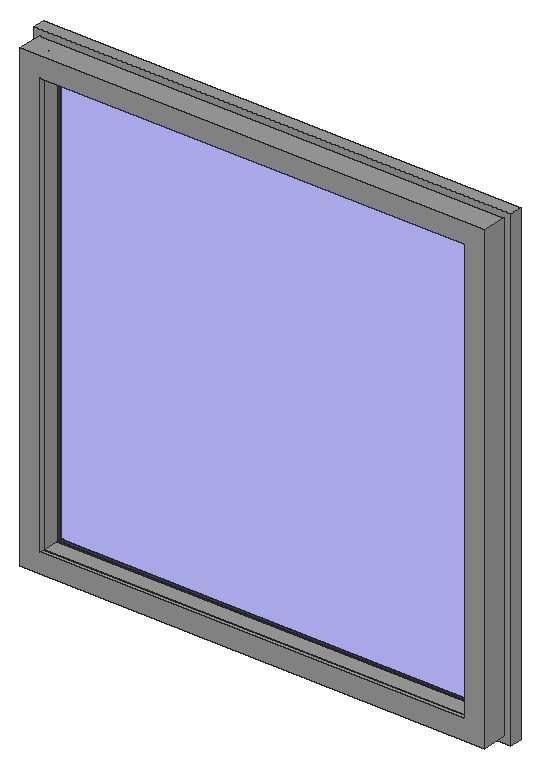
Revit family "ZS-2750 OPCW", category Windows, host Wall, Revit 2015
Parameters
  Wall Thickness [instance] = 0' - 6"
  URL = "obe.com"
  Rough Width = Width + 0' 0 1/4"  # 3' - 0 1/4"
  Rough Height = Height + 0' 0 1/4"  # 3' - 0 1/4"
  Offset Limitation [instance] = if((Offset + 0' 3 1/64") > Wall Thickness, (Wall Thickness - 0' 3 1/64"), Offset)  # 0' - 0"
  Offset [instance] = 0' - 0"
  Model = "ZS-2750 OOCW"
  Manufacturer = "Oldcastle BuildingEnvelope®"
  Keynote = "08 51 00"
  Height = 3' - 0"
  Glass Material = Glass
  Gasket Material = Gasket
  Frame Material = Aluminum
  Description = "ZERO SIGHTLINE 2750"
  Default Sill Height = 3' - 0"
  Wall Closure = By host
  Width = 3' - 0"
  Construction Type = ""
  Assembly Code = "B2020"
Reference planes (in)
  plane 1 "Center (Front/Back)": y = 0
  plane 2: z = 0
  plane 3 "Center (Left/Right)": x = 0
  plane 4 "Left": x = -18.125
  plane 5 "Right": x = 18.125
  plane 6 "Sill": z = 36
  plane 7 "Top": z = 72.25
  plane 8: x = 18
  plane 9: x = -18
  plane 10: z = 72.125
  plane 11: z = 36.125
  plane 12 "Offset": y = 3
  plane 13: z = 36.656875
  plane 14: z = 71.593125
  plane 15: z = 54.125
Forms (in)
  Sweep 1, solid, material "Aluminum" <- "Frame Material"
    path origin (0, 3, 0) x (-1, 0, 0) y (0, 0, 1)
      loop
        line (18, 72.7495) -> (18, 35.5005)
    profile origin (-18, 3, 54.125) x (0, 1, 0) y (-1, 0, 0)
      loop
        line (-3.0158393, 0.125) -> (-3.0158393, -1.389875) -> (-2.6138393, -1.389875) -> (-2.6138393, -0.281) -> (-1.6408393, -0.281) -> (-0.9042011, 0.0625) -> (-0.1248393, 0.0625) -> (-0.1248393, 0.6245) -> (-1.0938393, 0.6245) -> (-1.0938393, 0.125) -> (-3.0158393, 0.125)
  Sweep 2, solid, material "Aluminum" <- "Frame Material"
    path origin (0, 3, 0) x (1, 0, 0) y (0, 0, 1)
      loop
        line (18, 72.7495) -> (18, 35.5005)
    profile origin (18, 3, 54.125) x (0, 1, 0) y (-1, 0, 0)
      loop
        line (-3.0158393, -0.125) -> (-1.0938393, -0.125) -> (-1.0938393, -0.6245) -> (-0.1248393, -0.6245) -> (-0.1248393, -0.0625) -> (-0.9042011, -0.0625) -> (-1.6408393, 0.281) -> (-2.6138393, 0.281) -> (-2.6138393, 1.389875) -> (-3.0158393, 1.389875) -> (-3.0158393, -0.125)
  Sweep 3, solid, material "Aluminum" <- "Frame Material"
    path origin (0, 3, 0) x (-1, 0, 0) y (0, 0, 1)
      loop
        line (-18.625, 72.125) -> (18.625, 72.125)
    profile origin (0, 3, 72.125) x (0, 0, 1) y (0, 1, 0)
      loop
        line (0.125, -3.0158393) -> (0.125, -1.0938393) -> (0.6245, -1.0938393) -> (0.6245, -0.1248393) -> (0.0625, -0.1248393) -> (0.0625, -0.9042011) -> (-0.2813401, -1.6415686) -> (-0.2813401, -2.6138393) -> (-1.389875, -2.6138393) -> (-1.389875, -3.0158393) -> (0.125, -3.0158393)
  Sweep 4, solid, material "Aluminum" <- "Frame Material"
    path origin (0, 3, 127.7706855) x (-1, 0, 0) y (0, 0, -1)
      loop
        line (-18.625, 91.6456855) -> (18.625, 91.6456855)
    profile origin (0, 3, 36.125) x (0, 0, 1) y (0, 1, 0)
      loop
        line (-0.125, -3.0158393) -> (1.389875, -3.0158393) -> (1.389875, -2.6138393) -> (0.281, -2.6138393) -> (0.281, -1.6408393) -> (-0.0625, -0.9042011) -> (-0.0625, -0.1248393) -> (-0.6245, -0.1248393) -> (-0.6245, -1.0938393) -> (-0.125, -1.0938393) -> (-0.125, -3.0158393)
  Extrusion 5, solid, material "Glass" <- "Glass Material", detail levels coarse
    sketch origin (0, 0, 36) x (0, -1, 0) y (1, 0, 0)
      loop
        line (-2, 17.468125) -> (-3, 17.468125) -> (-3, -17.468125) -> (-2, -17.468125) -> (-2, 17.468125)
    from 0.656875 to 35.593125
  Sweep 6, solid, material "Gasket" <- "Gasket Material", detail levels fine
    path origin (0, 3, 0) x (-1, 0, 0) y (0, 0, 1)
      loop
        line (-16.610125, 70.735125) -> (-16.610125, 37.514875) -> (16.610125, 37.514875) -> (16.610125, 70.735125) -> (-16.610125, 70.735125)
    profile origin (0, 3, 70.735125) x (0, 0, 1) y (0, 1, 0)
      loop
        line (-0.0099489, -1.25) -> (0.2780511, -1.25) -> (0.1436625, -1.0155)
        arc (0.1436625, -1.0155) -> (0.1323157, -1.0041532) -> (0.1168157, -1) r 0.031
        line (0.1168157, -1) -> (-0.0319113, -1)
        arc (-0.0319113, -1) -> (-0.0556117, -1.0110177) -> (-0.0624653, -1.0362393) r 0.031
        line (-0.0624653, -1.0362393) -> (-0.0498891, -1.2903615)
        arc (-0.0498891, -1.2903615) -> (-0.0357439, -1.312194) -> (-0.0099489, -1.3155644) r 0.031
        line (-0.0099489, -1.3155644) -> (-0.0099489, -1.25)
  Sweep 7, solid, material "Aluminum" <- "Frame Material"
    path origin (0, 3, 0) x (-1, 0, 0) y (0, 0, 1)
      loop
        line (-18.0625, 72.25) -> (18.0625, 72.25)
    profile origin (0, 3, 72.25) x (0, 0, 1) y (0, 1, 0)
      loop
        line (-0.281875, 0) -> (-0.656875, 0) -> (-0.656875, -1.25493) -> (-1.514875, -1.25493) -> (-1.514875, -2.6138393) -> (-0.4063401, -2.6138393) -> (-0.4063401, -1.6415686) -> (-0.0625, -0.9042011) -> (-0.0625, -0.1248393) -> (-0.281875, -0.1248393) -> (-0.281875, 0)
  Sweep 8, solid, material "Aluminum" <- "Frame Material"
    path origin (0, 3, 0) x (-1, 0, 0) y (0, 0, 1)
      loop
        line (-18.0625, 36) -> (18.0625, 36)
    profile origin (0, 3, 36) x (0, 0, 1) y (0, 1, 0)
      loop
        line (0.281875, 0) -> (0.281875, -0.1248393) -> (0.0625, -0.1248393) -> (0.0625, -0.9042011) -> (0.406, -1.6408393) -> (0.406, -2.6138393) -> (1.514875, -2.6138393) -> (1.514875, -1.25493) -> (0.656875, -1.25493) -> (0.656875, 0) -> (0.281875, 0)
  Sweep 9, solid, material "Aluminum" <- "Frame Material"
    path origin (0, 3, 0) x (-1, 0, 0) y (0, 0, 1)
      loop
        line (18.125, 72.1875) -> (18.125, 36.0625)
    profile origin (-18.125, 3, 54.125) x (0, 1, 0) y (-1, 0, 0)
      loop
        line (0, -0.656875) -> (0, -0.281875) -> (-0.1248393, -0.281875) -> (-0.1248393, -0.0625) -> (-0.9042011, -0.0625) -> (-1.6408393, -0.406) -> (-2.6138393, -0.406) -> (-2.6138393, -1.514875) -> (-1.25493, -1.514875) -> (-1.25493, -0.656875) -> (0, -0.656875)
  Sweep 10, solid, material "Aluminum" <- "Frame Material"
    path origin (0, 3, 0) x (-1, 0, 0) y (0, 0, 1)
      loop
        line (-18.125, 36.0625) -> (-18.125, 72.1875)
    profile origin (18.125, 3, 54.125) x (1, 0, 0) y (0, 1, 0)
      loop
        line (-1.514875, -1.25493) -> (-1.514875, -2.6138393) -> (-0.406, -2.6138393) -> (-0.406, -1.6408393) -> (-0.0625, -0.9042011) -> (-0.0625, -0.1248393) -> (-0.281875, -0.1248393) -> (-0.281875, 0) -> (-0.656875, 0) -> (-0.656875, -1.25493) -> (-1.514875, -1.25493)
  Extrusion 11, solid, material "Glass" <- "Glass Material", detail levels medium+fine
    sketch origin (0, 0, 36) x (0, -1, 0) y (1, 0, 0)
      loop
        line (-3, -17.468125) -> (-2.75, -17.468125) -> (-2.75, 17.468125) -> (-3, 17.468125) -> (-3, -17.468125)
      loop
        line (-2.2373, -17.468125) -> (-2, -17.468125) -> (-2, 17.468125) -> (-2.2373, 17.468125) -> (-2.2373, -17.468125)
    from 0.656875 to 35.593125
  Sweep 12, void
    path origin (0, 3, 0) x (-1, 0, 0) y (0, 0, 1)
      loop
        line (18.125, 72.25) -> (-18.125, 72.25) -> (-18.125, 36) -> (18.125, 36) -> (18.125, 72.25)
    profile origin (0, 3, 72.25) x (0, 0, -1) y (0, 1, 0)
      loop
        line (0, -1.0938393) -> (-0.4995, -1.0938393) -> (-0.4995, -3.0158393) -> (0, -3.0158393) -> (0, -1.0938393)
  Sweep 13, void
    path origin (0, 3, 0) x (-1, 0, 0) y (0, 0, 1)
      loop
        line (18.125, 72.25) -> (-18.125, 72.25) -> (-18.125, 36) -> (18.125, 36) -> (18.125, 72.25)
    profile origin (0, 3, 72.25) x (0, 0, -1) y (0, 1, 0)
      loop
        line (0.281875, -0.1248393) -> (0.281875, 0) -> (0.0625, 0) -> (0.0625, -0.1248393) -> (0.281875, -0.1248393)
Cuts and joins
  Sweep 12 cuts Sweep 1
  Sweep 12 cuts Sweep 2
  Sweep 12 cuts Sweep 3
  Sweep 12 cuts Sweep 4
  joined: Sweep 1, Sweep 2, Sweep 3, Sweep 4
  Sweep 13 cuts Sweep 7
  Sweep 13 cuts Sweep 8
  Sweep 13 cuts Sweep 9
  Sweep 13 cuts Sweep 10
  joined: Sweep 7, Sweep 8, Sweep 9, Sweep 10
Lines and regions (in)
  Opening 1
    outline origin (-60, -3, 0) x (1, 0, 0) y (0, 0, 1)
      loop
        line (41.875, 72.25) -> (41.875, 36) -> (78.125, 36) -> (78.125, 72.25) -> (41.875, 72.25)
  model lines, style "Opening Direction"
    curve 1: line (16.5476597, 3, 37.5773403) -> (0, 3, 70.6726597)
    curve 2: line (0, 3, 70.6726597) -> (-16.5470135, 3, 37.5779863)
Text (in)
  text "EXTERIOR" at (-58.6887958, 50.9069435, 0), in view "Ref. Level"
  text "INTERIOR" at (-58.6887958, -52.7663834, 0), in view "Ref. Level"
  text "Exterior" at (0, 43.6563107, 123.1960383), in view "Left"
  text "Exterior" at (0, 18.2938457, 125.0474676), in view "Right"
Dimensions and locks (in)
  equal spacing: plane 4 "Left", plane 3 "Center (Left/Right)", plane 5 "Right"
  "Rough Width": plane 4 "Left" to plane 5 "Right"
  "Rough Height": plane 6 "Sill" to plane 7 "Top"
  "Default Sill Height": plane 2 to plane 6 "Sill"
  locked: plane 6 "Sill" to plane 11 at 0.125
  locked: plane 8 to plane 5 "Right" at 0.125
  "Height": plane 11 to plane 10
  "Width": plane 9 to plane 8
  "Wall Thickness": host wall to host wall
  "Offset Limitation": host wall to plane 12 "Offset"
  locked: plane 14 to plane 10 at 0.531875
  locked: plane 11 to plane 13 at 0.531875
  plane 12 "Offset" to Extrusion 5 sketch curve to Extrusion 5 sketch curve = 0' - 0" locked, 0' - 1" locked
  locked: plane 7 "Top" to Sweep 1 sketch curve at 0.4995
  locked: Sweep 1 sketch curve to plane 6 "Sill" at 0.4995
  locked: Sweep 2 sketch curve to plane 6 "Sill" at 0.4995
  equal spacing: plane 6 "Sill", plane 15, plane 7 "Top"
  locked: plane 12 "Offset" to Extrusion 11 sketch curve at 0.25
  plane 12 "Offset" to Extrusion 11 sketch curve to Extrusion 11 sketch curve = 0' - 0.7627" locked, 0' - 0.2373" locked
  locked: plane 7 "Top" to Sweep 2 sketch curve at 0.4995
  locked: plane 5 "Right" to Sweep 3 sketch curve at 0.5
  locked: Sweep 3 sketch curve to plane 4 "Left" at 0.5
  locked: Sweep 4 sketch curve to plane 4 "Left" at 0.5
  locked: plane 5 "Right" to Sweep 4 sketch curve at 0.5
  locked: Sweep 7 sketch curve to plane 5 "Right" at 0.0625
  locked: plane 4 "Left" to Sweep 7 sketch curve at 0.0625
  locked: Sweep 8 sketch curve to plane 5 "Right" at 0.0625
  locked: plane 4 "Left" to Sweep 8 sketch curve at 0.0625
  locked: plane 6 "Sill" to Sweep 9 sketch curve at 0.0625
  locked: Sweep 9 sketch curve to plane 7 "Top" at 0.0625
  locked: plane 6 "Sill" to Sweep 10 sketch curve at 0.0625
  locked: Sweep 10 sketch curve to plane 7 "Top" at 0.0625
  aligned and locked: plane 7 "Top" to Opening 1 sketch curve
  aligned and locked: plane 6 "Sill" to Opening 1 sketch curve  (x2)
  aligned and locked: plane 5 "Right" to Opening 1 sketch curve
  aligned and locked: plane 4 "Left" to Opening 1 sketch curve
  aligned and locked: level to plane 2
  aligned and locked: nested 2 to plane 11
  aligned and locked: Sweep 1 sketch curve to plane 9
  aligned and locked: Sweep 2 sketch curve to plane 8
  aligned and locked: plane 10 to Sweep 3 sketch curve
  aligned and locked: plane 11 to Sweep 4 sketch curve
  aligned and locked: plane 14 to Extrusion 5
  aligned and locked: Extrusion 5 to plane 13
  aligned and locked: nested 2 to nested 1
  aligned and locked: nested 2 to plane 12 "Offset"
  aligned and locked: plane 3 "Center (Left/Right)" to nested 1
  aligned and locked: nested 1 to plane 12 "Offset"
  aligned and locked: plane 7 "Top" to Sweep 7 sketch curve
  aligned and locked: plane 6 "Sill" to Sweep 8 sketch curve
  aligned and locked: Sweep 9 sketch curve to plane 4 "Left"
  aligned and locked: plane 5 "Right" to Sweep 10 sketch curve
  aligned and locked: Extrusion 11 to plane 13
  aligned and locked: plane 14 to Extrusion 11
  aligned and locked: Sweep 12 sketch curve to plane 7 "Top"
  aligned and locked: Sweep 12 sketch curve to plane 4 "Left"
  aligned and locked: Sweep 12 sketch curve to plane 6 "Sill"
  aligned and locked: Sweep 12 sketch curve to plane 5 "Right"
  aligned and locked: Sweep 13 sketch curve to plane 7 "Top"
  aligned and locked: Sweep 13 sketch curve to plane 4 "Left"
  aligned and locked: Sweep 13 sketch curve to plane 6 "Sill"
  aligned and locked: Sweep 13 sketch curve to plane 5 "Right"
  aligned and locked: plane 3 "Center (Left/Right)" to curve 2
  aligned and locked: Sweep 6 to curve 1
  aligned and locked: curve 2 to Sweep 6
Automatic sketch dimensions
  Sweep 4 sketch curve to plane 12 "Offset" = 0' - 1.09384"
  plane 8 to Extrusion 5 sketch curve = 0' - 0.53188"
  Extrusion 5 sketch curve to plane 9 = 0' - 0.53187"
  profile plane to Sweep 6 sketch curve = 0' - 0.06247"
  profile plane to Sweep 6 sketch curve = 0' - 0.04989"
  profile plane to Sweep 6 sketch curve = 0' - 0.03191"
  profile plane to Sweep 6 sketch curve = 0' - 0.0192"
  profile plane to Sweep 6 sketch curve = 0' - 0.00995"
  Sweep 6 sketch curve to profile plane = 0' - 0.11682"
  Sweep 6 sketch curve to plane 12 "Offset" = 0' - 1.31556"
  Sweep 6 sketch curve to Sweep 6 sketch curve = 0' - 0.0252"
  Sweep 6 sketch curve to Sweep 6 sketch curve = 0' - 0.03598"
  Sweep 6 sketch curve to Sweep 6 sketch curve = 0' - 0.21376"
  Sweep 6 sketch curve to Sweep 6 sketch curve = 0' - 0.00524"
  Sweep 6 sketch curve to Sweep 6 sketch curve = 0' - 0.031"
  Sweep 6 sketch curve to Sweep 6 sketch curve = 0' - 0.02685"
  Sweep 6 sketch curve to profile plane = 0' - 0.27805"
  Sweep 2 sketch curve to plane 12 "Offset" = 0' - 1.09384"
  Sweep 2 sketch curve to Sweep 2 sketch curve = 0' - 0.402"
  Sweep 2 sketch curve to Sweep 2 sketch curve = 0' - 1.10887"
  Sweep 1 sketch curve to plane 12 "Offset" = 0' - 2.61384"
  Sweep 1 sketch curve to Sweep 1 sketch curve = 0' - 0.402"
  Sweep 1 sketch curve to Sweep 1 sketch curve = 0' - 1.10887"
  Sweep 1 sketch curve to Sweep 1 sketch curve = 0' - 0.973"
  Sweep 4 sketch curve to Sweep 4 sketch curve = 0' - 0.402"
  Sweep 4 sketch curve to Sweep 4 sketch curve = 0' - 1.10887"
  Sweep 8 sketch curve to plane 12 "Offset" = 0' - 0"
  Sweep 8 sketch curve to plane 12 "Offset" = 0' - 1.25493"
  Sweep 7 sketch curve to plane 12 "Offset" = 0' - 0"
  profile plane to Sweep 7 sketch curve = 0' - 1.51488"
  Sweep 7 sketch curve to plane 12 "Offset" = 0' - 1.25493"
  Sweep 10 sketch curve to plane 12 "Offset" = 0' - 0"
  Sweep 10 sketch curve to Sweep 10 sketch curve = 0' - 1.10887"
  profile plane to Sweep 10 sketch curve = 0' - 0.28187"
  profile plane to Sweep 7 sketch curve = 0' - 0.28188"
  plane 8 to Sweep 6 sketch curve = 0' - 1.38987"
  Sweep 6 sketch curve to plane 9 = 0' - 1.38987"
  plane 13 to Sweep 6 sketch curve = 0' - 0.858"
  Sweep 6 sketch curve to plane 14 = 0' - 0.858"
  Sweep 4 sketch curve to profile plane = 0' - 0.281"
  Sweep 4 sketch curve to Sweep 4 sketch curve = 0' - 1.52"
  Sweep 4 sketch curve to Sweep 4 sketch curve = 0' - 0.547"
  profile plane to Sweep 4 sketch curve = 0' - 0.6245"
  profile plane to Sweep 4 sketch curve = 0' - 0 1/8"
  Sweep 4 sketch curve to plane 12 "Offset" = 0' - 0.12484"
  profile plane to Sweep 4 sketch curve = 0' - 0 1/16"
  Sweep 4 sketch curve to Sweep 4 sketch curve = 0' - 0.18964"
  Sweep 1 sketch curve to Sweep 1 sketch curve = 0' - 0.547"
  Sweep 1 sketch curve to profile plane = 0' - 0.6245"
  Sweep 1 sketch curve to plane 12 "Offset" = 0' - 0.12484"
  Sweep 1 sketch curve to profile plane = 0' - 0 1/8"
  Sweep 1 sketch curve to profile plane = 0' - 0 1/16"
  Sweep 1 sketch curve to Sweep 1 sketch curve = 0' - 0.18964"
  profile plane to Sweep 1 sketch curve = 0' - 0.281"
  Sweep 2 sketch curve to Sweep 2 sketch curve = 0' - 1.52"
  Sweep 2 sketch curve to Sweep 2 sketch curve = 0' - 0.547"
  Sweep 2 sketch curve to Sweep 2 sketch curve = 0' - 0.18964"
  Sweep 2 sketch curve to profile plane = 0' - 0.281"
  Sweep 2 sketch curve to plane 12 "Offset" = 0' - 0.12484"
  Sweep 2 sketch curve to Sweep 2 sketch curve = 0' - 0.562"
  profile plane to Sweep 2 sketch curve = 0' - 0 1/16"
  profile plane to Sweep 2 sketch curve = 0' - 0 1/8"
  Extrusion 11 sketch curve to plane 12 "Offset" = 0' - 0"
  Extrusion 11 sketch curve to plane 9 = 0' - 0.53187"  (x2)
  plane 8 to Extrusion 11 sketch curve = 0' - 0.53188"  (x2)
  Sweep 7 sketch curve to plane 12 "Offset" = 0' - 0.12484"
  profile plane to Sweep 7 sketch curve = 0' - 0 1/16"
  Sweep 7 sketch curve to Sweep 7 sketch curve = 0' - 0.77936"
  profile plane to Sweep 7 sketch curve = 0' - 0.40634"
  Sweep 7 sketch curve to Sweep 7 sketch curve = 0' - 0 3/8"
  Sweep 7 sketch curve to Sweep 7 sketch curve = 0' - 0.38664"
  Sweep 7 sketch curve to Sweep 7 sketch curve = 0' - 0.97227"
  profile plane to Sweep 3 sketch curve = 0' - 1.38988"
  profile plane to Sweep 3 sketch curve = 0' - 0.28134"
  Sweep 3 sketch curve to profile plane = 0' - 0 1/16"
  Sweep 3 sketch curve to profile plane = 0' - 0 1/8"
  Sweep 3 sketch curve to plane 12 "Offset" = 0' - 0.12484"
  Sweep 3 sketch curve to Sweep 3 sketch curve = 0' - 0.562"
  Sweep 3 sketch curve to Sweep 3 sketch curve = 0' - 0.77936"
  Sweep 3 sketch curve to Sweep 3 sketch curve = 0' - 0.18964"
  Sweep 3 sketch curve to Sweep 3 sketch curve = 0' - 0.54773"
  Sweep 3 sketch curve to Sweep 3 sketch curve = 0' - 0.97227"
  Sweep 3 sketch curve to Sweep 3 sketch curve = 0' - 0.402"
  Sweep 8 sketch curve to profile plane = 0' - 0.406"
  Sweep 8 sketch curve to Sweep 8 sketch curve = 0' - 1.35891"
  Sweep 8 sketch curve to plane 12 "Offset" = 0' - 0.12484"
  Sweep 8 sketch curve to profile plane = 0' - 0 1/16"
  Sweep 8 sketch curve to Sweep 8 sketch curve = 0' - 0.77936"
  Sweep 8 sketch curve to Sweep 8 sketch curve = 0' - 0.21938"
  Sweep 8 sketch curve to Sweep 8 sketch curve = 0' - 0 3/8"
  Sweep 8 sketch curve to Sweep 8 sketch curve = 0' - 1.10888"
  Sweep 8 sketch curve to Sweep 8 sketch curve = 0' - 0.38591"
  Sweep 9 sketch curve to plane 12 "Offset" = 0' - 0"
  Sweep 9 sketch curve to plane 12 "Offset" = 0' - 0.12484"
  profile plane to Sweep 9 sketch curve = 0' - 0 1/16"
  Sweep 9 sketch curve to Sweep 9 sketch curve = 0' - 0.77936"
  Sweep 9 sketch curve to plane 12 "Offset" = 0' - 1.25493"
  Sweep 9 sketch curve to Sweep 9 sketch curve = 0' - 0.38591"
  Sweep 9 sketch curve to Sweep 9 sketch curve = 0' - 0.973"
  Sweep 9 sketch curve to Sweep 9 sketch curve = 0' - 0.21938"
  profile plane to Sweep 9 sketch curve = 0' - 0.406"
  Sweep 9 sketch curve to Sweep 9 sketch curve = 0' - 0 3/8"
  Sweep 9 sketch curve to Sweep 9 sketch curve = 0' - 1.10887"
  Sweep 10 sketch curve to Sweep 10 sketch curve = 0' - 0 3/8"
  Sweep 10 sketch curve to Sweep 10 sketch curve = 0' - 1.35891"
  Sweep 10 sketch curve to Sweep 10 sketch curve = 0' - 1.13009"
  Sweep 10 sketch curve to plane 12 "Offset" = 0' - 0.12484"
  profile plane to Sweep 10 sketch curve = 0' - 0 1/16"
  Sweep 10 sketch curve to Sweep 10 sketch curve = 0' - 0.77936"
  profile plane to Sweep 10 sketch curve = 0' - 0.406"
  Sweep 10 sketch curve to Sweep 10 sketch curve = 0' - 1.516"
  Sweep 12 sketch curve to plane 12 "Offset" = 0' - 1.09384"
  profile plane to Sweep 12 sketch curve = 0' - 0.4995"
  Sweep 12 sketch curve to Sweep 12 sketch curve = 0' - 1.922"
  Sweep 12 sketch curve to profile plane = 0' - 0"
  Sweep 13 sketch curve to plane 12 "Offset" = 0' - 0.12484"
  Sweep 13 sketch curve to profile plane = 0' - 0.28188"
  Sweep 13 sketch curve to profile plane = 0' - 0 1/16"
  Sweep 13 sketch curve to plane 12 "Offset" = 0' - 0"
  curve 2 to plane 14 = 0' - 0.92047"
  plane 13 to curve 2 = 0' - 0.92111"
  plane 13 to curve 1 = 0' - 0.92047"
Nested families (in)
  nested 1: "ZS-2750-Plan View" at (0, 3, 0), Default Sill Height <- "Default Sill Height", Height <- "Height", Width <- "Width", type "ZS-2750-Plan View"
    with Width 3' - 0", Height 3' - 0", Default Sill Height 3' - 0"
  nested 2: "ZS-2750-Section Operable" at (0, 3, 0.125), Default Sill Height <- "Default Sill Height", Height <- "Height", Width <- "Width", type "ZS-2750-Section Operable"
    with Width 3' - 0", Height 3' - 0", Default Sill Height 3' - 0"
Definition of nested family "ZS-2750-Plan View"
  Parameters (values of type "ZS-2750-Plan View")
    Width [instance] = 3' - 0"
    Height [instance] = 4' - 0"
    Default Sill Height [instance] = 3' - 0"
    Analytic Construction = "<None>"
  Reference planes (in)
    plane 1 "Center (Front/Back)": y = 0
    plane 2: z = 0
    plane 3 "Center (Left/Right)": x = 0
    plane 4: z = 36
  Lines and regions (in)
    model lines, not visible
      curve 1: line (0, 0, 84) -> (0, 0, 36)
  Dimensions and locks (in)
    "Default Sill Height": plane 4 to plane 2
    "Height": curve 1 to plane 4
    aligned and locked: plane 2 to level
    aligned and locked: plane 3 "Center (Left/Right)" to nested 1
    aligned and locked: plane 4 to curve 1
    aligned and locked: curve 1 to plane 1 "Center (Front/Back)"
    aligned and locked: plane 1 "Center (Front/Back)" to nested 1
  Nested families (in)
    nested 1: "ZS-2750-Plan View" at (-18, 0, 0), Width <- "Width", type "ZS-2750-Plan View"
      with Width 3' - 0"
  Definition of nested family "ZS-2750-Plan View"
    Parameters (values of type "ZS-2750-Plan View")
      Width [instance] = 3' - 0"
    Reference planes (in)
      plane 1 "Center (Front/Back)": y = 0
      plane 2: z = 0
      plane 3 "C": x = 0
      plane 4: x = 36
      plane 5: x = 0.531875
      plane 6: x = 35.468125
      plane 7 "Center (Left/Right)": x = 18
    Lines and regions (in)
      detail lines, in view "Ref. Level"
        curve 1: line (0.531875, 0, 0) -> (35.468125, 0, 0)
        curve 2: line (0.531875, -1, 0) -> (35.468125, -1, 0)
      detail lines, in view "Ref. Level", detail levels medium+fine
        curve 3: line (0.531875, -0.25, 0) -> (35.468125, -0.25, 0)
        curve 4: line (0.531875, -0.7627, 0) -> (35.468125, -0.7627, 0)
      detail lines, in view "Ref. Level", detail levels fine
        curve 5: line (0.531875, -0.06, 0) -> (35.468125, -0.06, 0)
        curve 6: line (0.531875, -0.12, 0) -> (35.468125, -0.12, 0)
        curve 7: line (0.531875, -0.18, 0) -> (35.468125, -0.18, 0)
        curve 8: line (0.531875, -0.8227, 0) -> (35.468125, -0.8227, 0)
        curve 9: line (0.531875, -0.8827, 0) -> (35.468125, -0.8827, 0)
        curve 10: line (0.531875, -0.9427, 0) -> (35.468125, -0.9427, 0)
    Dimensions and locks (in)
      locked: plane 6 to plane 4 at 0.531875
      locked: plane 3 "C" to plane 5 at 0.531875
      "Width": plane 3 "C" to plane 4
      equal spacing: plane 3 "C", plane 7 "Center (Left/Right)", plane 4
      aligned and locked: nested 1 to plane 4
      aligned and locked: nested 2 to plane 3 "C"
      aligned and locked: nested 2 to plane 1 "Center (Front/Back)"
      aligned and locked: nested 1 to plane 1 "Center (Front/Back)"
      aligned and locked: plane 5 to curve 1
      aligned and locked: plane 5 to curve 5
      aligned and locked: plane 5 to curve 6
      aligned and locked: plane 5 to curve 7
      aligned and locked: plane 5 to curve 3
      aligned and locked: plane 5 to curve 10
      aligned and locked: plane 5 to curve 2
      aligned and locked: plane 5 to curve 4
      aligned and locked: plane 5 to curve 8
      aligned and locked: plane 5 to curve 9
      aligned and locked: plane 6 to curve 1
      aligned and locked: plane 6 to curve 5
      aligned and locked: plane 6 to curve 6
      aligned and locked: plane 6 to curve 7
      aligned and locked: plane 6 to curve 3
      aligned and locked: plane 6 to curve 4
      aligned and locked: plane 6 to curve 8
      aligned and locked: plane 6 to curve 9
      aligned and locked: plane 6 to curve 10
    Automatic sketch dimensions
      curve 2 to plane 6 = 0' - 0"
      plane 1 "Center (Front/Back)" to curve 1 = 0' - 0"
      plane 1 "Center (Front/Back)" to curve 5 = 0' - 0.06"
      curve 6 to curve 5 = 0' - 0.06"
      curve 7 to curve 6 = 0' - 0.06"
      curve 3 to curve 7 = 0' - 0.07"
      curve 4 to curve 3 = 0' - 0.5127"
      curve 8 to curve 4 = 0' - 0.06"
      curve 9 to curve 8 = 0' - 0.06"
      curve 10 to curve 9 = 0' - 0.06"
      curve 2 to curve 10 = 0' - 0.0573"
    Nested families (in)
      nested 1: "ZS-2750-JAMB L" at (36, 0, 0) x (-1, 0, 0) z (0, 0, 1), type "ZS-2750-JAMB L", in view "Ref. Level"
      nested 2: "ZS-2750-JAMB R" at (0, 0, 0) x (-1, 0, 0) z (0, 0, 1), type "ZS-2750-JAMB R", in view "Ref. Level"
    Definition of nested family "ZS-2750-JAMB L"
      Reference planes (in)
        plane 1 "Center (Front/Back)": y = 0
        plane 2: z = 0
        plane 3 "Center (Left/Right)": x = 0
      Lines and regions (in)
        detail lines, in view "Ref. Level"
          curve 1: line (1.389875, 1, 0) -> (1.389875, 3.0158393, 0)
          curve 2: line (1.389875, 3.0158393, 0) -> (-0.125, 3.0158393, 0)
          curve 3: line (-0.125, 3.0158393, 0) -> (-0.125, 1.0938393, 0)
          curve 4: line (-0.125, 1.0938393, 0) -> (-0.6245, 1.0938393, 0)
          curve 5: line (-0.6245, 1.0938393, 0) -> (-0.6245, 0.1248393, 0)
          curve 6: line (-0.6245, 0.1248393, 0) -> (0.156875, 0.1248393, 0)
          curve 7: line (0.156875, 0.1248393, 0) -> (0.156875, 0, 0)
          curve 8: line (0.156875, 0, 0) -> (0.531875, 0, 0)
          curve 9: line (0.531875, 0, 0) -> (0.531875, 1, 0)
          curve 10: line (0.531875, 1, 0) -> (1.389875, 1, 0)
    Definition of nested family "ZS-2750-JAMB R"
      Reference planes (in)
        plane 1 "Center (Front/Back)": y = 0
        plane 2: z = 0
        plane 3 "Center (Left/Right)": x = 0
      Lines and regions (in)
        detail lines, in view "Ref. Level"
          curve 1: line (-1.389875, 1, 0) -> (-1.389875, 3.0158393, 0)
          curve 2: line (-1.389875, 3.0158393, 0) -> (0.125, 3.0158393, 0)
          curve 3: line (0.125, 3.0158393, 0) -> (0.125, 1.0938393, 0)
          curve 4: line (0.125, 1.0938393, 0) -> (0.6245, 1.0938393, 0)
          curve 5: line (0.6245, 1.0938393, 0) -> (0.6245, 0.1248393, 0)
          curve 6: line (0.6245, 0.1248393, 0) -> (-0.156875, 0.1248393, 0)
          curve 7: line (-0.156875, 0.1248393, 0) -> (-0.156875, 0, 0)
          curve 8: line (-0.156875, 0, 0) -> (-0.531875, 0, 0)
          curve 9: line (-0.531875, 0, 0) -> (-0.531875, 1, 0)
          curve 10: line (-0.531875, 1, 0) -> (-1.389875, 1, 0)
Definition of nested family "ZS-2750-Section Operable"
  Parameters (values of type "ZS-2750-Section Operable")
    Width [instance] = 3' - 0"
    Height [instance] = 4' - 0"
    Default Sill Height [instance] = 2' - 5.21443"
    Analytic Construction = "<None>"
  Reference planes (in)
    plane 1 "Center (Front/Back)": y = 0
    plane 2: z = 0
    plane 3 "Center (Left/Right)": x = 0
    plane 4: z = 29.2144347
  Lines and regions (in)
    model lines, not visible
      curve 1: line (-18, 0, 0) -> (18, 0, 0)
  Dimensions and locks (in)
    "Default Sill Height": plane 4 to plane 2
    equal spacing: curve 1, plane 3 "Center (Left/Right)", curve 1
    "Width": curve 1 to curve 1
    aligned and locked: plane 2 to level
    aligned and locked: plane 1 "Center (Front/Back)" to curve 1
    aligned and locked: nested 1 to plane 1 "Center (Front/Back)"
    aligned and locked: plane 4 to nested 1
  Nested families (in)
    nested 1: "ZS-2750-Section Operable" at (0, 0, 77.2144347) x (0, -1, 0) z (1, 0, 0), Height <- "Height", type "ZSL-2750-Section Operable"
      with Height 4' - 0"
  Definition of nested family "ZS-2750-Section Operable"
    Parameters (values of type "ZS-2750-Section Operable")
      Height [instance] = 4' - 0"
    Reference planes (in)
      plane 1 "Center (Front/Back)": y = 0
      plane 2: z = 0
      plane 3 "Center (Left/Right)": x = 0
      plane 4: y = -48
      plane 5: y = -0.531875
      plane 6: y = -47.468125
    Lines and regions (in)
      detail lines, in view "Ref. Level"
        curve 1: line (0, -0.531875, 0) -> (0, -47.468125, 0)
        curve 10: line (1, -0.531875, 0) -> (1, -47.468125, 0)
      detail lines, in view "Ref. Level", detail levels fine
        curve 2: line (0.0573, -0.531875, 0) -> (0.0573, -47.468125, 0)
        curve 3: line (0.1173, -0.531875, 0) -> (0.1173, -47.468125, 0)
        curve 4: line (0.1773, -0.531875, 0) -> (0.1773, -47.468125, 0)
        curve 7: line (0.82, -0.531875, 0) -> (0.82, -47.468125, 0)
        curve 8: line (0.88, -0.531875, 0) -> (0.88, -47.468125, 0)
        curve 9: line (0.94, -0.531875, 0) -> (0.94, -47.468125, 0)
      detail lines, in view "Ref. Level", detail levels medium+fine
        curve 5: line (0.2373, -0.531875, 0) -> (0.2373, -47.468125, 0)
        curve 6: line (0.75, -0.531875, 0) -> (0.75, -47.468125, 0)
    Dimensions and locks (in)
      "Height": plane 4 to plane 1 "Center (Front/Back)"
      locked: plane 5 to plane 1 "Center (Front/Back)" at 0.531875
      locked: plane 4 to plane 6 at 0.531875
      aligned and locked: plane 1 "Center (Front/Back)" to nested 1
      aligned and locked: plane 4 to nested 2
      aligned and locked: plane 3 "Center (Left/Right)" to nested 2
      aligned and locked: plane 3 "Center (Left/Right)" to nested 1
      aligned and locked: plane 5 to curve 1
      aligned and locked: plane 5 to curve 2
      aligned and locked: plane 5 to curve 3
      aligned and locked: plane 5 to curve 4
      aligned and locked: plane 5 to curve 5
      aligned and locked: plane 5 to curve 6
      aligned and locked: plane 5 to curve 7
      aligned and locked: plane 5 to curve 8
      aligned and locked: plane 5 to curve 9
      aligned and locked: plane 5 to curve 10
      aligned and locked: plane 6 to curve 1
      aligned and locked: plane 6 to curve 2
      aligned and locked: plane 6 to curve 3
      aligned and locked: plane 6 to curve 4
      aligned and locked: plane 6 to curve 5
      aligned and locked: plane 6 to curve 6
      aligned and locked: plane 6 to curve 7
      aligned and locked: plane 6 to curve 8
      aligned and locked: plane 6 to curve 9
      aligned and locked: plane 6 to curve 10
    Automatic sketch dimensions
      plane 3 "Center (Left/Right)" to curve 1 = 0' - 0"
      curve 1 to curve 2 = 0' - 0.0573"
      curve 2 to curve 3 = 0' - 0.06"
      curve 3 to curve 4 = 0' - 0.06"
      curve 4 to curve 5 = 0' - 0.06"
      curve 5 to curve 6 = 0' - 0.5127"
      curve 6 to curve 7 = 0' - 0.07"
      curve 7 to curve 8 = 0' - 0.06"
      curve 8 to curve 9 = 0' - 0.06"
      curve 9 to curve 10 = 0' - 0.06"
    Nested families (in)
      nested 1: "ZS-2750-HEAD" at (0, 0, 0), type "ZS-2750-HEAD", in view "Ref. Level"
      nested 2: "ZS-2750-SILL" at (0, -48, 0), type "ZS-2750-SILL", in view "Ref. Level"
    Definition of nested family "ZS-2750-HEAD"
      Reference planes (in)
        plane 1 "Center (Front/Back)": y = 0
        plane 2: z = 0
        plane 3 "Center (Left/Right)": x = 0
      Lines and regions (in)
        detail lines, in view "Ref. Level"
          curve 1: line (1, -1.389875, 0) -> (3.0158393, -1.389875, 0)
          curve 2: line (3.0158393, -1.389875, 0) -> (3.0158393, 0.125, 0)
          curve 3: line (3.0158393, 0.125, 0) -> (1.0938393, 0.125, 0)
          curve 4: line (1.0938393, 0.125, 0) -> (1.0938393, 0.6245, 0)
          curve 5: line (1.0938393, 0.6245, 0) -> (0.1248393, 0.6245, 0)
          curve 6: line (0.1248393, 0.6245, 0) -> (0.1248393, -0.156875, 0)
          curve 7: line (0.1248393, -0.156875, 0) -> (0, -0.156875, 0)
          curve 8: line (0, -0.156875, 0) -> (0, -0.531875, 0)
          curve 9: line (0, -0.531875, 0) -> (1, -0.531875, 0)
          curve 10: line (1, -0.531875, 0) -> (1, -1.389875, 0)
    Definition of nested family "ZS-2750-SILL"
      Reference planes (in)
        plane 1 "Center (Front/Back)": y = 0
        plane 2: z = 0
        plane 3 "Center (Left/Right)": x = 0
      Lines and regions (in)
        detail lines, in view "Ref. Level"
          curve 1: line (3.0158393, 1.389875, 0) -> (3.0158393, -0.125, 0)
          curve 2: line (3.0158393, -0.125, 0) -> (1.0938393, -0.125, 0)
          curve 3: line (1.0938393, -0.125, 0) -> (1.0938393, -0.6245, 0)
          curve 4: line (1.0938393, -0.6245, 0) -> (0.1248393, -0.6245, 0)
          curve 5: line (0.1248393, -0.6245, 0) -> (0.1248393, 0.156875, 0)
          curve 6: line (0.1248393, 0.156875, 0) -> (0, 0.156875, 0)
          curve 7: line (0, 0.156875, 0) -> (0, 0.531875, 0)
          curve 8: line (0, 0.531875, 0) -> (1, 0.531875, 0)
          curve 9: line (1, 0.531875, 0) -> (1, 1.389875, 0)
          curve 10: line (1, 1.389875, 0) -> (3.0158393, 1.389875, 0)
